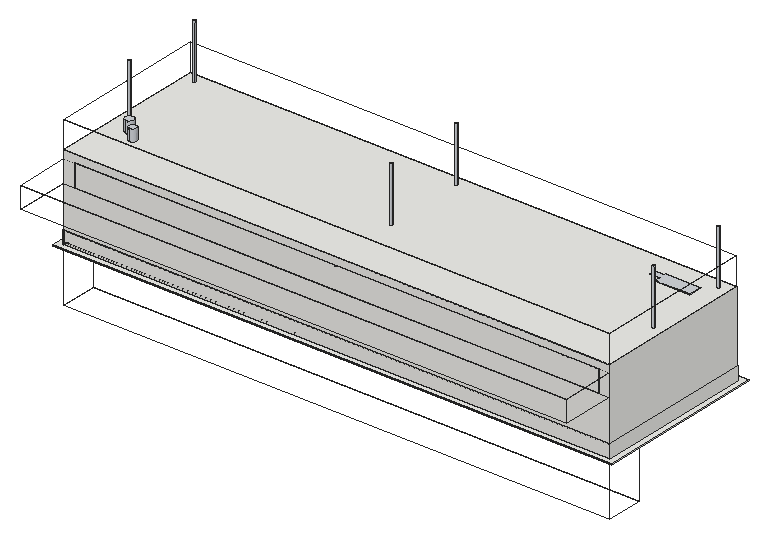
Revit family "AIRTECNICS_AIR CURTAIN_RECESSED DAM_DX-VRF_(MITSUBISHI ELECTRIC)123", category Equipos mecánicos, Revit 2016
Family settings
  Tipo de pieza = Normal
  Cota de conector redondo = Diámetro de uso
  Número OmniClass = 23.75.70.21.17
  Título OmniClass = Air Curtains
  Se basa en plano de trabajo = No
  Siempre vertical = Sí
  Corte con vacíos al cargar = No
  Compartido = No
  Punto de cálculo de habitación = No
Parameters (values of type "RDAM ECG 2000 DX24-ME")
  · PIPES POSITION · [instance] = "-/ Select Pipes Position /-"  # constant formula
  · OTHERS · [instance] = "-/ Select Supports - Inst.Maint. Space /-"  # constant formula
  · HEATING · = "-/ Heating /-"  # constant formula
  · EXTERNAL UNIT · [instance] = "-/ External Unit Type /-"  # constant formula
  · COIL ROWS · = "-/ DX Coil Rows /-"  # constant formula
  Weight [instance] = size_lookup(Name_Lookup_Data, "Weight", 1.00 kg, CM, CT, CH, CR, CDX)  # 105.00 kg
  Voltage [instance] = 230 V  # constant formula
  URL_Manufacturer = "https://www.airtecnics.com"
  URL_Datasheet = "https://www.airtecnics.com/download/file/5890/recessed-dam-dx-mitsubishi-electric-1-1-and-vrf.pdf"
  Triple Phase (External Ut.) [instance] = yes
  Supports Length [instance] = 200.0 mm
  Supports (Horizontal) [instance] = yes
  Single Phase (External Ut.) [instance] = not([Triple Phase (External Ut.)])  # no
  Revit Version = "Revit 2016 - English"  # constant formula
  Review Date = "11/18"  # constant formula
  Remote Control = "-"  # constant formula
  Refrigerant Pipes_P4 [instance] = no
  Refrigerant Pipes_P3 [instance] = no
  Refrigerant Pipes_P2 [instance] = if(CW = 0, 1 = 1, 1 = 0)  # yes
  Refrigerant Pipes_P1 [instance] = no
  Product Size = if(CT = 2, "1000", if(CT = 4, "1500", if(CT = 8, "2000", if(CT = 16, "2500", if(CT = 32, "3000", "Consult Manufacturer")))))  # "2000"
  Product Reference [instance] = size_lookup(Name_Lookup_Ref, "", "Consult Manufacturer", CM, CT, CH, CR, CDX)  # "RDAM ECG 2000 DX24-ME"
  Product Heating [instance] = if(DX 1:1, "Direct Expansion 1:1 system", "Direct Expansion VRF system")  # "Direct Expansion 1:1 system"
  Product Description [instance] = size_lookup(Name_Lookup_Data, "", "Consult Manufacturer", CM, CT, CH, CR, CDX)  # "Compact and low profile recessed air curtain with full grille view and energy savings heat pump: Up to 70% reduction in costs and CO2 emissions (heating mode).\r\nSelf-supporting casing construction made of galvanized steel plate, ready to be installed recessed in a false ceiling. \r\nInlet grille (free of maintenance) made with aluminium profiles and blow-out nozzle, integrated in a single white frame colour RAL 9016. Other colours are available on request. \r\nDouble-inlet centrifugal fans driven by an external rotor motor and low noise level. 5-speed selector. EC models assembled with very low consumption efficiency fans. \r\nIncludes only heating direct expansion coil with installed temperature sensors. Under request it can be modified to work in cooling and heating mode (not recomended) with optional condensate water pump.\r\nPlug&Play control panel CS-5DX-NE slave DX with 5 speeds selector and 7m telephone cable included.\r\nReady to connect to MITSUBISHI ELECTRIC Standard and Power Inverter outdoor heat pump unit (R410A) with expansion valve, not included, the customer should purchase it.\r\nRequires PAC-IF012B-E MITSUBISHI ELECTRIC DX Interface KIT adapted for air curtain and PAR-33MAA programmable control, please consult.\r\nAir Volume: 4380 m3/h \r\nFans:  0,426 kW  3,72 A 230Vx1 50/60Hz\r\nHeating capacity: 23,63 kW\r\nDimensions: 627x310x2048 mm (depth, height, length)\r\nNOT SUPPLIED BY AIRTÈCNICS:\r\nPAC-IF012B-E Interface DX kit and PAR-33MAA programmable control.\r\nExternal unit:\r\n PUHZ-ZRP250YKAExternal unit with direct expansion valve Mitsubishi Electric, triple phase motor 400Vx3 50Hz.\r\nHeating capacity 27kW. Heating power: 8,94kW. COP 3,75.\r\nCooling capacity 22kW. Cooling power 8,31kW. EER 2,65.\r\nCooling circuits 1\" - 1/2\".\r\nMaximum length 100m.\r\nMaximum slope 30m."
  Power Fans Factor [instance] = size_lookup(Name_Lookup_Data, "Power Fans Factor", 1, CM, CT, CH, CR, CDX)  # 0.5
  Power Fans [instance] = size_lookup(Name_Lookup_Data, "Power Fans", 1 kW, CM, CT, CH, CR, CDX)  # 0.426 kW
  Noise Level (dB(A)) [instance] = size_lookup(Name_Lookup_Data, "Noise Level (dB(A))", 1, CM, CT, CH, CR, CDX)  # 63
  Name_Lookup_Ref_EU = "R_DAM_(DX)_ME_Ref_EU_Lookup"  # constant formula
  Name_Lookup_Ref = "R_DAM_(DX)_ME_Ref_Lookup"  # constant formula
  Name_Lookup_Data4 = "R_DAM_(DX)_ME_DXkit_Lookup"  # constant formula
  Name_Lookup_Data3 = "R_DAM_(DX)_ME_ExpValve_Lookup"  # constant formula
  Name_Lookup_Data2 = "R_DAM_(DX)_ME_Mainfolds_Lookup"  # constant formula
  Name_Lookup_Data = "R_DAM_(DX)_ME_Data_Lookup"  # constant formula
  Material Curtain [instance] = AIRTECNICS_White RAL 9016
  Mainfolds [instance] = size_lookup(Name_Lookup_Data2, "", "Consult Manufacturer", CM, CT, CH, CR, CDX)  # "1\" & 1/2"
  M = no
  Length = L + 48.0 mm + Depth - Depth  # 2048.0 mm
  IfcExportType = "DXCOOLINGCOIL"  # constant formula
  IfcExportAs = "IfcCoilType"  # constant formula
  Height = 310.0 mm  # constant formula
  Heating Capacity [instance] = size_lookup(Name_Lookup_Data, "Heating Capacity", 1 kW, CM, CT, CH, CR, CDX)  # 23.63 kW
  Gas Coil Volume [instance] = size_lookup(Name_Lookup_Data, "Gas Coil Volume", 1.00 L, CM, CT, CH, CR, CDX)  # 4.10 L
  G = not(M)  # yes
  Frequency = 50 Hz  # constant formula
  Fans Stage = 5  # constant formula
  Family Version = "1.0"  # constant formula
  External Ut. Reference [instance] = size_lookup(Name_Lookup_Ref_EU, "", "Consult Manufacturer", CM, CT, CH, CR, CEU, CDX)  # "PUHZ-ZRP250YKA"
  Expansion Valve [instance] = size_lookup(Name_Lookup_Data3, "", "Consult Manufacturer", CM, CT, CH, CR, CDX)  # "Included on External Unit"
  EC = 1 = 1  # yes
  Dn_Metric_Refrig_Liquid [instance] = size_lookup(Name_Lookup_Data2, "Dn_Liquid", 1 mm, CM, CT, CH, CR, CDX)  # 15 mm
  Dn_Metric_Refrig_Gas [instance] = size_lookup(Name_Lookup_Data2, "Dn_Gas", 1 mm, CM, CT, CH, CR, CDX)  # 25 mm
  Depth = 627.0 mm  # constant formula
  DX VRF = not(DX 1:1)  # no
  DX Kit [instance] = size_lookup(Name_Lookup_Data4, "", "Consult Manufacturer", CM, CT, CH, CR, CDX)  # "PAC-IF012B-E"
  DX Controller [instance] = "PAR-33MAA"  # constant formula
  DX Coil Rows = 4 = yes
  DX Coil Rows = 3 = not([DX Coil Rows = 4])  # no
  DX Coil Rows [instance] = if(CR = 2, 4, if(CR = 4, 3, if(CR = 0, 2, 0)))  # 4
  DX 1:1 = yes
  Current Fans [instance] = size_lookup(Name_Lookup_Data, "Current Fans", 1 A, CM, CT, CH, CR, CDX)  # 3.72 A
  Created by = "BIMETRICAL"  # constant formula
  Control [instance] = "CS-5DX-NE"  # constant formula
  Capacity_Frig_Liquid [instance] = 0 m³/h
  Capacity_Frig_Gas [instance] = 0 m³/h
  Cable = "CB7"  # constant formula
  URL = "https://www.airtecnics.com/products/heat-pump-air-curtain-recessed-dam-dx-for-mitsubishi-electric"
  Modelo = "Air Curtain Recessed DAM DX/VRF ME"  # constant formula
  L = 2000.0 mm
  Imagen de tipo = <Ninguno>
  Fabricante = "AIRTECNICS"  # constant formula
  Description = ""
  Comentarios de tipo = "Compact and low profile recessed air curtain with full grille view and energy savings heat pump: Up to 70% reduction in costs and CO2 emissions (heating mode).\r\nSelf-supporting casing construction made of galvanized steel plate, ready to be installed recessed in a false ceiling. \r\nInlet grille (free of maintenance) made with aluminium profiles and blow-out nozzle, integrated in a single white frame colour RAL 9016. Other colours are available on request. \r\nDouble-inlet centrifugal fans driven by an external rotor motor and low noise level. 5-speed selector. EC models assembled with very low consumption efficiency fans. \r\nIncludes only heating direct expansion coil with installed temperature sensors. Under request it can be modified to work in cooling and heating mode (not recomended) with optional condensate water pump.\r\nPlug&Play control panel CS-5DX-NE slave DX with 5 speeds selector and 7m telephone cable included.\r\nDX 1:1:\r\nReady to connect to MITSUBISHI ELECTRIC Standard and Power Inverter outdoor heat pump unit (R410A) with expansion valve, not included, the customer should purchase it.\r\nRequires  MITSUBISHI ELECTRIC DX Interface KIT adapted for air curtain and  programmable control, please consult.\r\nDX VRF:\r\nReady to connect to MITSUBISHI ELECTRIC VRF outdoor heat pump unit (R410A), not included, the customer should purchase it.\r\nRequires  MITSUBISHI ELECTRIC VRF Interface KIT adapted for air curtain with expansion valve and   programmable control, please consult."  # constant formula
  CW [instance] = if(Refrigerant Pipes_P1, 2, 0) + if(Refrigerant Pipes_P3, 4, 0) + if(Refrigerant Pipes_P4, 8, 0)  # 0
  CT = if(L = 1000.0 mm, 2, 0) + if(L = 1500.0 mm, 4, 0) + if(L = 2000.0 mm, 8, 0) + if(L = 2500.0 mm, 16, 0) + if(L = 3000.0 mm, 32, 0)  # 8
  CR [instance] = if([DX Coil Rows = 4], 2, 0) + if([DX Coil Rows = 3], 4, 0)  # 2
  CM = if(M, 2, 0) + if(EC, 4, 0) + if(G, 8, 0)  # 12
  CH [instance] = if(DX 1:1, 2, 0) + if(DX VRF, 4, 0)  # 2
  CEU [instance] = if([Single Phase (External Ut.)], 2, 0) + if([Triple Phase (External Ut.)], 4, 0)  # 4
  CDX = 1
  BIMETRICAL Category = "Coil"  # constant formula
  BIMETRICAL = "http://www.bimetrical.com/"  # constant formula
  Aspiration/Maintenance Space [instance] = yes
  Apparent Load [instance] = size_lookup(Name_Lookup_Data, "Apparent Load", 1 VA, CM, CT, CH, CR, CDX)  # 852 VA
  Airflow [instance] = size_lookup(Name_Lookup_Data, "Airflow", 1 m³/h, CM, CT, CH, CR, CDX)  # 4380 m³/h
Reference planes
  plane 1 "Centro (Frontal/Posterior)": z = 0
  plane 2: y = 246.57
  plane 3 "Centro (Izquierda/Derecha)": x = 0
Nested families
  nested 1: "GEOM_RECESSED DAM_(DX)" at (0, 246.57, -2) x (-1, 0, 0) z (0, 0, 1), P1 <- "Refrigerant Pipes_P1", P3 <- "Refrigerant Pipes_P3", P4 <- "Refrigerant Pipes_P4", type "BASE"
    with VAMP4 no, VAMP1 no, P4 no, P3 no, P2 yes, P1 no, C_P 2, C_L 4, CH_4 398.5 mm, CH_3 218.8 mm, CH_2 99.5 mm, CH_1 91.2 mm, CC_4 431.5 mm, CC_3 33.0 mm, CC_2 137.5 mm, CC_1 277.2 mm, AH 90.00°, AC 90.00°, N 9, L3 238.5 mm, L2 40.0 mm, L1 2048.0 mm, L 2000.0 mm, C 238.88 mm, A1 1938.0 mm
Connectors
  piping at (-924, 161.57, 348), diameter 25, driven by "Capacity_Frig_Gas", driven by "Dn_Metric_Refrig_Gas"
    settings: on nested 1, index 2, connector inside diameter 609.6 mm, connector length 0.0 mm, flow factor 0, pipe flow 0 m³/h, pressure drop 0.0 Pa, fitting loss kfactor 0, connector angle 0.00°, fixture units 0, engagement length 0.0 mm, angle of deflection 0.00°, flow configuration 1, flow direction 1, fitting loss method 0, system type 8, joint type 0, gender type 0, connector reference index -1, connector utility 0, adjustable connector no, is connector primary yes, connector description "In"
  piping at (-886, 128.57, 348.2), diameter 15, driven by "Capacity_Frig_Liquid", driven by "Dn_Metric_Refrig_Liquid"
    settings: on nested 1, index 3, connector inside diameter 609.6 mm, connector length 0.0 mm, flow factor 0, pipe flow 0 m³/h, pressure drop 0.0 Pa, fitting loss kfactor 0, connector angle 0.00°, fixture units 0, engagement length 0.0 mm, angle of deflection 0.00°, flow configuration 1, flow direction 2, fitting loss method 0, system type 8, joint type 0, gender type 0, connector reference index -1, connector utility 0, adjustable connector no, is connector primary no, connector description "Out"
  electrical at (819.129, 446.424, 309), driven by "Voltage", driven by "Apparent Load", driven by "Power Fans Factor"
    settings: on nested 1, index 4, voltage 230 V, apparent load 852 VA, apparent load phase1 0 VA, apparent load phase2 0 VA, apparent load phase3 0 VA, power factor 0.5, load classification "HVAC", number of poles 1, system type 30, power factor state 1, is connector primary yes, connector utility no, sub classification motor no, connector description ""
Definition of nested family "GEOM_RECESSED DAM_(DX)"
  Parameters (values of type "BASE")
    VSUP2 = if(and(Supports Length > 0.0 mm, L > 1000.0 mm, [Supports (Horizontal)]), 1 = 1, 1 = 0)  # yes
    VSUP1 = if(and(Supports Length > 0.0 mm, [Supports (Horizontal)]), 1 = 1, 1 = 0)  # yes
    VAMP4 [instance] = if(and(P, P4, [Aspiration/Maintenance Space]), 1 = 1, 1 = 0)  # no
    VAMP1 [instance] = if(and(P, P1, [Aspiration/Maintenance Space]), 1 = 1, 1 = 0)  # no
    Supports Length = 200.0 mm
    Supports (Horizontal) = yes
    Revit Version = "Revit 2016 - English"  # constant formula
    Review Date = "11/2018"  # constant formula
    P4 [instance] = no
    P3 [instance] = yes
    P2 [instance] = not(or(P1, P3, P4))  # no
    P1 [instance] = no
    P = 1 = 1  # yes
    Name_CH = "CH_Dimensions_LookupDX"  # constant formula
    Name_CC = "CC_Dimensions_LookupDX"  # constant formula
    N = if(L = 1000.0 mm, 5, if(L = 1500.0 mm, 7, if(L = 2000.0 mm, 9, 11)))  # 7
    Model = "RECESSED DAM (DX)"  # constant formula
    Material Curtain = none
    Manufacturer = "AIRTECNICS"  # constant formula
    L_sup = if(Supports Length = 0.0 mm, 1.0 mm, Supports Length)  # 200.0 mm
    L3 = if(L = 1000.0 mm, 227.0 mm, if(L = 1500.0 mm, 234.8 mm, if(L = 2000.0 mm, 238.5 mm, 240.8 mm)))  # 234.8 mm
    L2 = if(L = 1000.0 mm, 51.75 mm, if(L = 1500.0 mm, 46.75 mm, if(L = 2000.0 mm, 40.0 mm, 49.5 mm)))  # 46.75 mm
    L1 = L + 48.0 mm  # 1548.0 mm
    L = 1500.0 mm
    Family Version = "1.0"  # constant formula
    Created by = "BIMETRICAL"  # constant formula
    C_P [instance] = if(P1, 1, 0) + if(P2, 2, 0) + if(P3, 4, 0) + if(P4, 8, 0)  # 4
    C_L [instance] = if(L = 1500.0 mm, 2, 0) + if(L = 2000.0 mm, 4, 0) + if(L = 2500.0 mm, 8, 0)  # 2
    CH_4 [instance] = size_lookup(Name_CH, "CH_4", 398.5 mm, C_L, C_P)  # 398.5 mm
    CH_3 [instance] = size_lookup(Name_CH, "CH_3", 218.8 mm, C_L, C_P)  # 33.0 mm
    CH_2 [instance] = size_lookup(Name_CH, "CH_2", 100.5 mm, C_L, C_P)  # 1409.5 mm
    CH_1 [instance] = size_lookup(Name_CH, "CH_1", 91.2 mm, C_L, C_P)  # 277.2 mm
    CC_4 [instance] = size_lookup(Name_CC, "CC_4", 431.5 mm, C_L, C_P)  # 431.5 mm
    CC_3 [instance] = size_lookup(Name_CC, "CC_3", 33.0 mm, C_L, C_P)  # 218.8 mm
    CC_2 [instance] = size_lookup(Name_CC, "CC_2", 138.5 mm, C_L, C_P)  # 1447.5 mm
    CC_1 [instance] = size_lookup(Name_CC, "CC_1", 277.2 mm, C_L, C_P)  # 91.2 mm
    C = if(L = 1000.0 mm, 227.75 mm, if(L = 1500.0 mm, 235.1 mm, 238.88 mm))  # 235.1 mm
    BIMETRICAL = "http://www.bimetrical.com/"  # constant formula
    B1 = 1.5 mm
    B = 1.0 mm
    Aspiration/Maintenance Space = yes
    AH [instance] = size_lookup(Name_CH, "AH", 90.00°, C_L, C_P)  # 90.00°
    AC [instance] = size_lookup(Name_CC, "AC", 90.00°, C_L, C_P)  # 90.00°
    A1 = L - 62.0 mm  # 1438.0 mm
    A = 197.8 mm
  Reference planes
    plane 1 "Centro (Frontal/Posterior)": y = 0
    plane 2: z = 0
    plane 3 "Centro (Izquierda/Derecha)": x = 0
    plane 4: y = 313.5
    plane 5: y = -313.5
    plane 6: y = 290
    plane 7: y = -290
    plane 8: z = 310
    plane 9: z = 50
    plane 10: z = 2
    plane 11: x = -773.5
    plane 12: x = -750
    plane 13: x = 773.5
    plane 14: x = 750
    plane 15: y = -256
    plane 16: y = 41
    plane 17: x = -710
    plane 18: x = 710
    plane 19: y = 41
    plane 20: y = -256
    plane 21: y = 170
    plane 22: z = 25
    plane 23: z = 17
    plane 24: x = -707.5
    plane 25: x = -703.5
    plane 26: x = -705.5
    plane 27: x = -472.7
    plane 28: x = -468.7
    plane 29: x = -470.7
    plane 30: x = -237.9
    plane 31: x = -233.9
    plane 32: x = -235.9
    plane 33: x = -3.1
    plane 34: x = 0.9
    plane 35: x = -1.1
    plane 36: x = 231.7
    plane 37: x = 235.7
    plane 38: x = 233.7
    plane 39: x = 773.5
    plane 40: x = -674
    plane 41: x = -636
    plane 42: y = 85
    plane 43: y = 118
    plane 44: z = 91.2
    plane 45: z = 277.2
    plane 46: x = 466.5
    plane 47: x = 470.5
    plane 48: x = 468.5
    plane 49: x = 701.3
    plane 50: x = 705.3
    plane 51: x = 703.3
  Forms (mm)
    Sweep 1, solid, material <- "Material Curtain"
      path origin (0, 0, 0) x (1, 0, 0) y (0, 1, 0)
        loop
          line (-773.5, 313.5) -> (-773.5, -313.5) -> (773.5, -313.5) -> (773.5, 313.5) -> (-773.5, 313.5)
      profile origin (-773.5, 0, 0) x (-1, 0, 0) y (0, 0, 1)
        loop
          line (0, 0) -> (0, 2) -> (-22, 2) -> (-22, 50) -> (-23.5, 50) -> (-23.5, 0) -> (0, 0)
    Extrusion 2, solid, material <- "Material Curtain"
      sketch origin (0, 0, 0) x (1, 0, 0) y (0, 1, 0)
        loop
          line (-750, 290) -> (-750, -290) -> (750, -290) -> (750, 290) -> (-750, 290)
      from 50 to 310
    Extrusion 3, solid, visible <- "VSUP1"
      sketch origin (-1376.546, -1524, 310) x (-1, 0, 0) y (0, -1, 0)
        loop
          circle (-666.546, -1565) r 4
        loop
          circle (-666.546, -1268) r 4
        loop
          circle (-2086.546, -1268) r 4
        loop
          circle (-2086.546, -1565) r 4
      from -1 to 200
    Extrusion 4, solid, visible <- "VSUP2"
      sketch origin (-1376.546, -1524, 310) x (-1, 0, 0) y (0, -1, 0)
        loop
          circle (-1376.546, -1565) r 4
        loop
          circle (-1376.546, -1268) r 4
      from 0 to 200
    Extrusion 5, void
      sketch origin (-1802.24, 290, 1200) x (-1, 0, 0) y (0, 0, 1)
        loop
          line (-2505.49, -918.496) -> (-2505.49, -998.496) -> (-1802.24, -998.496) -> (-1098.99, -998.496) -> (-1098.99, -918.496) -> (-1802.24, -918.496) -> (-2505.49, -918.496)
      from 0 to -5
    Extrusion 6, solid
      sketch origin (-1802.24, 290, 1200) x (-1, 0, 0) y (0, 0, 1)
        loop
          line (-2505.49, -918.496) -> (-2505.49, -998.496) -> (-1802.24, -998.496) -> (-1098.99, -998.496) -> (-1098.99, -918.496) -> (-1802.24, -918.496) -> (-2505.49, -918.496)
      from 0 to -1
    Extrusion 7, solid, material <- "Material Curtain"
      sketch origin (500, 0, 0) x (1, 0, 0) y (0, 1, 0)
        loop
          line (-1203.5, 286.998) -> (-1207.5, 286.998) -> (-1207.5, -287.002) -> (-1203.5, -287.002) -> (-1203.5, 286.998)
      from 17 to 25
    Extrusion 8, solid, material <- "Material Curtain"
      sketch origin (734.8, 0, 0) x (1, 0, 0) y (0, 1, 0)
        loop
          line (-1203.5, 286.998) -> (-1207.5, 286.998) -> (-1207.5, -287.002) -> (-1203.5, -287.002) -> (-1203.5, 286.998)
      from 17 to 25
    Extrusion 9, solid, material <- "Material Curtain"
      sketch origin (969.6, 0, 0) x (1, 0, 0) y (0, 1, 0)
        loop
          line (-1203.5, 286.998) -> (-1207.5, 286.998) -> (-1207.5, -287.002) -> (-1203.5, -287.002) -> (-1203.5, 286.998)
      from 17 to 25
    Extrusion 10, solid, material <- "Material Curtain"
      sketch origin (1204.4, 0, 0) x (1, 0, 0) y (0, 1, 0)
        loop
          line (-1203.5, 286.998) -> (-1207.5, 286.998) -> (-1207.5, -287.002) -> (-1203.5, -287.002) -> (-1203.5, 286.998)
      from 17 to 25
    Extrusion 11, solid, material <- "Material Curtain"
      sketch origin (1439.2, 0, 0) x (1, 0, 0) y (0, 1, 0)
        loop
          line (-1203.5, 286.998) -> (-1207.5, 286.998) -> (-1207.5, -287.002) -> (-1203.5, -287.002) -> (-1203.5, 286.998)
      from 17 to 25
    Extrusion 12, solid, visible <- "P"
      sketch origin (-637.077, 82.636, 310.2) x (0, -1, 0) y (1, 0, 0)
        loop
          circle (-2.364, 1.077) r 15.5
      from 0 to 40
    Extrusion 13, solid, visible <- "P"
      sketch origin (-673.438, 119.477, 310) x (0, -1, 0) y (1, 0, 0)
        loop
          circle (1.477, -0.562) r 13.5
      from 0 to 40
    Extrusion 14, solid
      sketch origin (-1376.546, -1524, 310) x (-1, 0, 0) y (0, -1, 0)
        loop
          line (-830.042, -1353.296) -> (-702.542, -1353.296) -> (-702.542, -1303.996) -> (-830.042, -1303.996) -> (-830.042, -1307.996) -> (-867.042, -1307.996) -> (-867.042, -1331.296) -> (-830.042, -1331.296) -> (-830.042, -1353.296)
      from 0 to 1
    Extrusion 15, solid, visible <- "VAMP1"
      sketch origin (750, 311.264, 1200) x (0, 1, 0) y (0, 0, -1)
        loop
          line (-601.264, 890) -> (-21.264, 890) -> (-21.264, 1150) -> (-601.264, 1150) -> (-601.264, 890)
      from 0 to -100
    Extrusion 16, solid, visible <- "VAMP4"
      sketch origin (-750, 311.264, 1200) x (0, 1, 0) y (0, 0, 1)
        loop
          line (-601.264, -890) -> (-601.264, -1150) -> (-21.264, -1150) -> (-21.264, -890) -> (-601.264, -890)
      from 0 to -100
    Extrusion 17, solid, visible <- "Aspiration/Maintenance Space"
      sketch origin (-1802.24, 290, 1200) x (-1, 0, 0) y (0, 0, 1)
        loop
          line (-2552.24, -918.496) -> (-2552.24, -998.496) -> (-1052.24, -998.496) -> (-1052.24, -918.496) -> (-2552.24, -918.496)
      from 0 to 200
    Extrusion 18, solid, visible <- "Aspiration/Maintenance Space"
      sketch origin (-750, 311.264, 1200) x (0, 1, 0) y (0, 0, 1)
        loop
          line (-601.264, -890) -> (-21.264, -890) -> (-21.264, -790) -> (-601.264, -790) -> (-601.264, -890)
      from 0 to 1500
    Extrusion 19, solid, visible <- "Aspiration/Maintenance Space"
      sketch origin (750, 311.264, 1200) x (0, 1, 0) y (0, 0, -1)
        loop
          line (-21.264, 1200) -> (-21.264, 1400) -> (-157.264, 1400) -> (-157.264, 1200) -> (-21.264, 1200)
      from 0 to 1500
    Extrusion 20, solid, material <- "Material Curtain"
      sketch origin (1674, 0, 0) x (1, 0, 0) y (0, 1, 0)
        loop
          line (-1203.5, 286.998) -> (-1207.5, 286.998) -> (-1207.5, -287.002) -> (-1203.5, -287.002) -> (-1203.5, 286.998)
      from 17 to 25
    Extrusion 21, solid, material <- "Material Curtain"
      sketch origin (1908.8, 0, 0) x (1, 0, 0) y (0, 1, 0)
        loop
          line (-1203.5, 286.998) -> (-1207.5, 286.998) -> (-1207.5, -287.002) -> (-1203.5, -287.002) -> (-1203.5, 286.998)
      from 17 to 25
    Extrusion 22, solid, material <- "Material Curtain"
      sketch origin (850, 311.264, 1200) x (0, -1, 0) y (0, 0, -1)
        loop
          arc (82.767, 1195.605) -> (78.829, 1197.715) -> (74.424, 1198.456) r 13.8
          arc (74.424, 1198.456) -> (73.675, 1197.864) -> (74.325, 1197.164) r 0.65
          arc (74.325, 1197.164) -> (78.603, 1196.427) -> (82.371, 1194.27) r 12.5
          line (82.371, 1194.27) -> (97.373, 1182.759) -> (97.373, 1173.4) -> (98.673, 1173.4) -> (98.673, 1183.4) -> (82.767, 1195.605)
        loop
          arc (59.967, 1195.605) -> (56.029, 1197.715) -> (51.624, 1198.456) r 13.8
          arc (51.624, 1198.456) -> (50.875, 1197.864) -> (51.525, 1197.164) r 0.65
          arc (51.525, 1197.164) -> (55.803, 1196.427) -> (59.571, 1194.27) r 12.5
          line (59.571, 1194.27) -> (74.573, 1182.759) -> (74.573, 1173.4) -> (75.873, 1173.4) -> (75.873, 1183.4) -> (59.967, 1195.605)
        loop
          arc (151.167, 1195.605) -> (147.229, 1197.715) -> (142.824, 1198.456) r 13.8
          arc (142.824, 1198.456) -> (142.075, 1197.864) -> (142.725, 1197.164) r 0.65
          arc (142.725, 1197.164) -> (147.003, 1196.427) -> (150.771, 1194.27) r 12.5
          line (150.771, 1194.27) -> (165.773, 1182.759) -> (165.773, 1173.4) -> (167.073, 1173.4) -> (167.073, 1183.4) -> (151.167, 1195.605)
        loop
          arc (128.367, 1195.605) -> (124.429, 1197.715) -> (120.024, 1198.456) r 13.8
          arc (120.024, 1198.456) -> (119.275, 1197.864) -> (119.925, 1197.164) r 0.65
          arc (119.925, 1197.164) -> (124.203, 1196.427) -> (127.971, 1194.27) r 12.5
          line (127.971, 1194.27) -> (142.973, 1182.759) -> (142.973, 1173.4) -> (144.273, 1173.4) -> (144.273, 1183.4) -> (128.367, 1195.605)
        loop
          arc (105.567, 1195.605) -> (101.629, 1197.715) -> (97.224, 1198.456) r 13.8
          arc (97.224, 1198.456) -> (96.475, 1197.864) -> (97.125, 1197.164) r 0.65
          arc (97.125, 1197.164) -> (101.403, 1196.427) -> (105.171, 1194.27) r 12.5
          line (105.171, 1194.27) -> (120.173, 1182.759) -> (120.173, 1173.4) -> (121.473, 1173.4) -> (121.473, 1183.4) -> (105.567, 1195.605)
        loop
          arc (219.567, 1195.605) -> (215.629, 1197.715) -> (211.224, 1198.456) r 13.8
          arc (211.224, 1198.456) -> (210.475, 1197.864) -> (211.125, 1197.164) r 0.65
          arc (211.125, 1197.164) -> (215.403, 1196.427) -> (219.171, 1194.27) r 12.5
          line (219.171, 1194.27) -> (234.173, 1182.759) -> (234.173, 1173.4) -> (235.473, 1173.4) -> (235.473, 1183.4) -> (219.567, 1195.605)
        loop
          arc (196.767, 1195.605) -> (192.829, 1197.715) -> (188.424, 1198.456) r 13.8
          arc (188.424, 1198.456) -> (187.675, 1197.864) -> (188.325, 1197.164) r 0.65
          arc (188.325, 1197.164) -> (192.603, 1196.427) -> (196.371, 1194.27) r 12.5
          line (196.371, 1194.27) -> (211.373, 1182.759) -> (211.373, 1173.4) -> (212.673, 1173.4) -> (212.673, 1183.4) -> (196.767, 1195.605)
        loop
          arc (173.967, 1195.605) -> (170.029, 1197.715) -> (165.624, 1198.456) r 13.8
          arc (165.624, 1198.456) -> (164.875, 1197.864) -> (165.525, 1197.164) r 0.65
          arc (165.525, 1197.164) -> (169.803, 1196.427) -> (173.571, 1194.27) r 12.5
          line (173.571, 1194.27) -> (188.573, 1182.759) -> (188.573, 1173.4) -> (189.873, 1173.4) -> (189.873, 1183.4) -> (173.967, 1195.605)
        loop
          arc (287.967, 1195.605) -> (284.029, 1197.715) -> (279.624, 1198.456) r 13.8
          arc (279.624, 1198.456) -> (278.875, 1197.864) -> (279.525, 1197.164) r 0.65
          arc (279.525, 1197.164) -> (283.803, 1196.427) -> (287.571, 1194.27) r 12.5
          line (287.571, 1194.27) -> (302.573, 1182.759) -> (302.573, 1173.4) -> (303.873, 1173.4) -> (303.873, 1183.4) -> (287.967, 1195.605)
        loop
          arc (265.167, 1195.605) -> (261.229, 1197.715) -> (256.824, 1198.456) r 13.8
          arc (256.824, 1198.456) -> (256.075, 1197.864) -> (256.725, 1197.164) r 0.65
          arc (256.725, 1197.164) -> (261.003, 1196.427) -> (264.771, 1194.27) r 12.5
          line (264.771, 1194.27) -> (279.773, 1182.759) -> (279.773, 1173.4) -> (281.073, 1173.4) -> (281.073, 1183.4) -> (265.167, 1195.605)
        loop
          arc (242.367, 1195.605) -> (238.429, 1197.715) -> (234.024, 1198.456) r 13.8
          arc (234.024, 1198.456) -> (233.275, 1197.864) -> (233.925, 1197.164) r 0.65
          arc (233.925, 1197.164) -> (238.203, 1196.427) -> (241.971, 1194.27) r 12.5
          line (241.971, 1194.27) -> (256.973, 1182.759) -> (256.973, 1173.4) -> (258.273, 1173.4) -> (258.273, 1183.4) -> (242.367, 1195.605)
        loop
          arc (356.367, 1195.605) -> (352.429, 1197.715) -> (348.024, 1198.456) r 13.8
          arc (348.024, 1198.456) -> (347.275, 1197.864) -> (347.925, 1197.164) r 0.65
          arc (347.925, 1197.164) -> (352.203, 1196.427) -> (355.971, 1194.27) r 12.5
          line (355.971, 1194.27) -> (370.973, 1182.759) -> (370.973, 1173.4) -> (372.273, 1173.4) -> (372.273, 1183.4) -> (356.367, 1195.605)
        loop
          arc (333.567, 1195.605) -> (329.629, 1197.715) -> (325.224, 1198.456) r 13.8
          arc (325.224, 1198.456) -> (324.475, 1197.864) -> (325.125, 1197.164) r 0.65
          arc (325.125, 1197.164) -> (329.403, 1196.427) -> (333.171, 1194.27) r 12.5
          line (333.171, 1194.27) -> (348.173, 1182.759) -> (348.173, 1173.4) -> (349.473, 1173.4) -> (349.473, 1183.4) -> (333.567, 1195.605)
        loop
          arc (310.767, 1195.605) -> (306.829, 1197.715) -> (302.424, 1198.456) r 13.8
          arc (302.424, 1198.456) -> (301.675, 1197.864) -> (302.325, 1197.164) r 0.65
          arc (302.325, 1197.164) -> (306.603, 1196.427) -> (310.371, 1194.27) r 12.5
          line (310.371, 1194.27) -> (325.373, 1182.759) -> (325.373, 1173.4) -> (326.673, 1173.4) -> (326.673, 1183.4) -> (310.767, 1195.605)
        loop
          arc (424.767, 1195.605) -> (420.829, 1197.715) -> (416.424, 1198.456) r 13.8
          arc (416.424, 1198.456) -> (415.675, 1197.864) -> (416.325, 1197.164) r 0.65
          arc (416.325, 1197.164) -> (420.603, 1196.427) -> (424.371, 1194.27) r 12.5
          line (424.371, 1194.27) -> (439.373, 1182.759) -> (439.373, 1173.4) -> (440.673, 1173.4) -> (440.673, 1183.4) -> (424.767, 1195.605)
        loop
          arc (401.967, 1195.605) -> (398.029, 1197.715) -> (393.624, 1198.456) r 13.8
          arc (393.624, 1198.456) -> (392.875, 1197.864) -> (393.525, 1197.164) r 0.65
          arc (393.525, 1197.164) -> (397.803, 1196.427) -> (401.571, 1194.27) r 12.5
          line (401.571, 1194.27) -> (416.573, 1182.759) -> (416.573, 1173.4) -> (417.873, 1173.4) -> (417.873, 1183.4) -> (401.967, 1195.605)
        loop
          arc (379.167, 1195.605) -> (375.229, 1197.715) -> (370.824, 1198.456) r 13.8
          arc (370.824, 1198.456) -> (370.075, 1197.864) -> (370.725, 1197.164) r 0.65
          arc (370.725, 1197.164) -> (375.003, 1196.427) -> (378.771, 1194.27) r 12.5
          line (378.771, 1194.27) -> (393.773, 1182.759) -> (393.773, 1173.4) -> (395.073, 1173.4) -> (395.073, 1183.4) -> (379.167, 1195.605)
        loop
          arc (447.567, 1195.605) -> (443.629, 1197.715) -> (439.224, 1198.456) r 13.8
          arc (439.224, 1198.456) -> (438.475, 1197.864) -> (439.125, 1197.164) r 0.65
          arc (439.125, 1197.164) -> (443.403, 1196.427) -> (447.171, 1194.27) r 12.5
          line (447.171, 1194.27) -> (462.173, 1182.759) -> (462.173, 1173.4) -> (463.473, 1173.4) -> (463.473, 1183.4) -> (447.567, 1195.605)
        loop
          arc (493.167, 1195.605) -> (489.229, 1197.715) -> (484.824, 1198.456) r 13.8
          arc (484.824, 1198.456) -> (484.075, 1197.864) -> (484.725, 1197.164) r 0.65
          arc (484.725, 1197.164) -> (489.003, 1196.427) -> (492.771, 1194.27) r 12.5
          line (492.771, 1194.27) -> (507.773, 1182.759) -> (507.773, 1173.4) -> (509.073, 1173.4) -> (509.073, 1153) -> (512.073, 1153) -> (512.073, 1198.4) -> (509.073, 1198.4) -> (509.073, 1183.4) -> (493.167, 1195.605)
        loop
          arc (470.367, 1195.605) -> (466.429, 1197.715) -> (462.024, 1198.456) r 13.8
          arc (462.024, 1198.456) -> (461.275, 1197.864) -> (461.925, 1197.164) r 0.65
          arc (461.925, 1197.164) -> (466.203, 1196.427) -> (469.971, 1194.27) r 12.5
          line (469.971, 1194.27) -> (484.973, 1182.759) -> (484.973, 1173.4) -> (486.273, 1173.4) -> (486.273, 1183.4) -> (470.367, 1195.605)
        loop
          arc (37.167, 1195.605) -> (33.229, 1197.715) -> (28.824, 1198.456) r 13.8
          arc (28.824, 1198.456) -> (28.075, 1197.864) -> (28.725, 1197.164) r 0.65
          arc (28.725, 1197.164) -> (33.003, 1196.427) -> (36.771, 1194.27) r 12.5
          line (36.771, 1194.27) -> (51.773, 1182.759) -> (51.773, 1173.4) -> (53.073, 1173.4) -> (53.073, 1183.4) -> (37.167, 1195.605)
        loop
          line (523.813, 1198.4) -> (523.813, 1173.4) -> (526.813, 1173.4) -> (526.813, 1198.4) -> (523.813, 1198.4)
        loop
          line (538.553, 1198.4) -> (538.553, 1173.4) -> (541.553, 1173.4) -> (541.553, 1198.4) -> (538.553, 1198.4)
        loop
          line (553.293, 1198.4) -> (553.293, 1173.4) -> (556.293, 1173.4) -> (556.293, 1198.4) -> (553.293, 1198.4)
        loop
          line (568.033, 1198.4) -> (568.033, 1182.616) -> (568.033, 1175.384) -> (568.033, 1173.4) -> (571.033, 1173.4) -> (571.033, 1174.75) -> (571.033, 1183.25) -> (571.033, 1198.4) -> (568.033, 1198.4)
        loop
          line (582.768, 1198.4) -> (582.768, 1175) -> (582.768, 1153) -> (585.768, 1153) -> (585.768, 1175) -> (585.768, 1198.4) -> (582.768, 1198.4)
      from -1600 to -100
  Cuts and joins
    Extrusion 5 cuts Extrusion 2
  Lines and regions (mm)
    symbolic lines
      curve 1: line (-773.5, 313.5, 310) -> (773.5, 313.5, 310)
      curve 2: line (-773.5, -313.5, 310) -> (-773.5, 313.5, 310)
      curve 3: line (773.5, -313.5, 310) -> (-773.5, -313.5, 310)
      curve 4: line (773.5, 313.5, 310) -> (773.5, -313.5, 310)
      curve 5: line (750, -290, 310) -> (-750, -290, 310)
      curve 6: line (750, 290, 310) -> (750, -290, 310)
      curve 7: line (-750, 290, 310) -> (750, 290, 310)
      curve 8: line (-750, -290, 310) -> (-750, 290, 310)
    reference lines
      curve 9: line (-674, 118, 91.2) -> (-674, 118, 310)
      curve 10: line (-636, 85, 277.2) -> (-636, 85, 310.2)
    symbolic lines, visible <- "VAMP4"
      curve 11: line (-750, -290, 310) -> (-850, -290, 310)
      curve 12: line (-850, -290, 310) -> (-850, 290, 310)
      curve 13: line (-850, 290, 310) -> (-750, 290, 310)
      curve 23: line (-750, 0, 50) -> (-850, 0, 50)
      curve 24: line (-850, 0, 50) -> (-850, 0, 310)
      curve 25: line (-850, 0, 310) -> (-750, 0, 310)
    symbolic lines, visible <- "VAMP1"
      curve 14: line (750, 290, 310) -> (850, 290, 310)
      curve 15: line (850, 290, 310) -> (850, -290, 310)
      curve 16: line (850, -290, 310) -> (750, -290, 310)
      curve 20: line (750, 0, 310) -> (850, 0, 310)
      curve 21: line (850, 0, 310) -> (850, 0, 50)
      curve 22: line (850, 0, 50) -> (750, 0, 50)
    symbolic lines, visible <- "Aspiration/Maintenance Space"
      curve 17: line (-750, 290, 310) -> (-750, 490, 310)
      curve 18: line (-750, 490, 310) -> (750, 490, 310)
      curve 19: line (750, 490, 310) -> (750, 290, 310)
      curve 26: line (-750, 0, 0) -> (-750, 0, -200)
      curve 27: line (-750, 0, -200) -> (750, 0, -200)
      curve 28: line (750, 0, -200) -> (750, 0, 0)
      curve 29: line (-750, 0, 310) -> (-750, 0, 410)
      curve 30: line (-750, 0, 410) -> (750, 0, 410)
      curve 31: line (750, 0, 410) -> (750, 0, 310)
      curve 32: line (750, 289, 281.504) -> (750, 490, 281.504)
      curve 33: line (750, 490, 281.504) -> (750, 490, 201.504)
      curve 34: line (750, 490, 201.504) -> (750, 290, 201.504)
      curve 35: line (750, 290, 310) -> (750, 290, 410)
      curve 36: line (750, 290, 410) -> (750, -290, 410)
      curve 37: line (750, -290, 410) -> (750, -290, 310)
      curve 38: line (750, 290, 0) -> (750, 290, -200)
      curve 39: line (750, 290, -200) -> (750, 154, -200)
      curve 40: line (750, 154, -200) -> (750, 154, 0)
    symbolic lines, visible <- "VSUP1"
      curve 41: circle (-710, 41, 310) r 4 normal (0, 0, 1)
      curve 42: circle (-710, -256, 310) r 4 normal (0, 0, 1)
      curve 43: circle (710, -256, 310) r 4 normal (0, 0, 1)
      curve 44: circle (710, 41, 310) r 4 normal (0, 0, 1)
    symbolic lines, visible <- "VSUP2"
      curve 45: circle (0, 41, 310) r 4 normal (0, 0, 1)
      curve 46: circle (0, -256, 310) r 4 normal (0, 0, 1)
  Dimensions and locks
    locked: plane 4 to plane 6 at 23.5
    locked: plane 5 to plane 7 at 23.5
    locked: plane 11 to plane 12 at 23.5
    locked: plane 13 to plane 14 at 23.5
    equal spacing: plane 12, plane 3 "Centro (Izquierda/Derecha)", plane 14
    "L": plane 12 to plane 14
    equal spacing: plane 4, plane 1 "Centro (Frontal/Posterior)", plane 5
    locked: plane 5 to plane 4 at 627
    locked: plane 9 to level at 50
    locked: plane 8 to level at 310
    locked: plane 7 to plane 15 at 34
    locked: plane 16 to plane 15 at 297
    locked: plane 12 to plane 17 at 40
    locked: plane 18 to plane 14 at 40
    locked: plane 20 to plane 7 at 34
    locked: plane 19 to plane 20 at 297
    "Supports Length": Extrusion 3 to plane 8
    "Supports Length": Extrusion 4 to plane 8
    plane 8 to plane 9 = 260.0 mm
    plane 4 to plane 5 = 627.0 mm
    locked: plane 6 to plane 21 at 120
    "L2": Extrusion 5 sketch curve to plane 14
    Extrusion 5 sketch curve to plane 8 = 28.496 mm
    plane 4 to plane 1 "Centro (Frontal/Posterior)" to plane 5 = 313.5 mm, 313.5 mm
    locked: Extrusion 5 sketch curve to Extrusion 5 sketch curve at 80
    locked: plane 9 to Extrusion 6 sketch curve at 151.504
    locked: Extrusion 6 sketch curve to plane 8 at 28.496
    Extrusion 6 sketch curve to Extrusion 6 sketch curve = 80.0 mm
    equal spacing: plane 24, plane 26, plane 25
    locked: plane 12 to plane 26 at 44.5
    equal spacing: plane 27, plane 29, plane 28
    equal spacing: group 1, group 2, group 3, group 4, group 5, group 6, group 7  (x3)
    equal spacing: plane 30, plane 32, plane 31
    "L3": plane 26 to plane 29
    equal spacing: plane 33, plane 35, plane 34
    equal spacing: plane 36, plane 38, plane 37
    locked: plane 14 to plane 39 at 23.5
    "CH_2": plane 41 to plane 39
    "CC_2": plane 40 to plane 39
    "CC_4": plane 5 to plane 43
    "CH_4": plane 5 to plane 42
    "CH_1": level to plane 45
    "CC_1": level to plane 44
    "CC_3": curve 9 to curve 9
    "CH_3": curve 10 to curve 10
    Sweep 1 to Extrusion 14 sketch curve to Extrusion 14 sketch curve to Extrusion 14 sketch curve = 99.496 mm locked, 127.5 mm locked, 37.0 mm locked
    locked: Extrusion 18 sketch curve to Extrusion 18 sketch curve at 100
    locked: Extrusion 19 sketch curve to Extrusion 19 sketch curve at 136
    locked: level to Extrusion 19 sketch curve at 200
    equal spacing: Extrusion 5 sketch curve, plane 3 "Centro (Izquierda/Derecha)", Extrusion 5 sketch curve
    equal spacing: Extrusion 6 sketch curve, plane 3 "Centro (Izquierda/Derecha)", Extrusion 6 sketch curve
    "L2": Extrusion 6 sketch curve to plane 14
    equal spacing: plane 46, plane 48, plane 47
    equal spacing: plane 49, plane 51, plane 50
    diameter of Extrusion 12 sketch curve = 31.0 mm
    diameter of Extrusion 13 sketch curve = 27.0 mm
    "AC": angle plane 44 to curve 9
    "AH": angle plane 45 to curve 10
    aligned and locked: level to plane 2
    aligned and locked: Sweep 1 sketch curve to plane 4
    aligned and locked: plane 11 to Sweep 1 sketch curve
    aligned and locked: Sweep 1 sketch curve to plane 5
    aligned and locked: Sweep 1 sketch curve to plane 13
    aligned and locked: Extrusion 2 sketch curve to plane 6
    aligned and locked: plane 12 to Extrusion 2 sketch curve
    aligned and locked: Extrusion 2 sketch curve to plane 7
    aligned and locked: plane 14 to Extrusion 2 sketch curve
    aligned and locked: Extrusion 2 to plane 9
    aligned and locked: plane 17 to Extrusion 3 sketch curve  (x2)
    aligned and locked: plane 18 to Extrusion 3 sketch curve  (x2)
    aligned and locked: Extrusion 3 sketch curve to plane 16
    aligned and locked: Extrusion 3 sketch curve to plane 15
    aligned and locked: plane 15 to Extrusion 3 sketch curve
    aligned and locked: plane 16 to Extrusion 3 sketch curve
    aligned and locked: plane 3 "Centro (Izquierda/Derecha)" to Extrusion 4 sketch curve  (x2)
    aligned and locked: plane 20 to Extrusion 4 sketch curve
    aligned and locked: plane 19 to Extrusion 4 sketch curve
    aligned and locked: plane 12 to Sweep 1 sketch curve
    aligned and locked: curve 5 to Sweep 1
    aligned and locked: curve 6 to Sweep 1
    aligned and locked: curve 7 to Sweep 1
    aligned and locked: curve 8 to Sweep 1
    aligned and locked: curve 1 to plane 4
    aligned and locked: Extrusion 7 to plane 22
    aligned and locked: plane 23 to Extrusion 7
    aligned and locked: plane 24 to Extrusion 7
    aligned and locked: plane 25 to Extrusion 7
    aligned and locked: plane 27 to Extrusion 8
    aligned and locked: plane 28 to Extrusion 8
    aligned and locked: plane 30 to Extrusion 9
    aligned and locked: plane 31 to Extrusion 9
    aligned and locked: plane 33 to Extrusion 10
    aligned and locked: plane 34 to Extrusion 10
    aligned and locked: plane 36 to Extrusion 11
    aligned and locked: plane 37 to Extrusion 11
    aligned and locked: plane 44 to curve 9
    aligned and locked: plane 40 to curve 9
    aligned and locked: plane 45 to curve 10
    aligned and locked: plane 41 to curve 10
    aligned and locked: Extrusion 15 sketch curve to cut or joined group of Extrusion 2, Extrusion 5  (x3)
    aligned and locked: Extrusion 15 sketch curve to Sweep 1
    aligned and locked: curve 12 to Extrusion 16
    aligned and locked: curve 15 to Extrusion 15
    aligned and locked: plane 12 to Extrusion 17 sketch curve
    aligned and locked: plane 14 to Extrusion 17 sketch curve
    aligned and locked: Extrusion 17 sketch curve to Extrusion 6  (x2)
    aligned and locked: plane 7 to Extrusion 18 sketch curve
    aligned and locked: plane 6 to Extrusion 18 sketch curve
    aligned and locked: Extrusion 18 to plane 14
    aligned and locked: Extrusion 19 to plane 12
    aligned and locked: curve 19 to Extrusion 17
    aligned and locked: curve 17 to Extrusion 17
    aligned and locked: curve 24 to Extrusion 16
    aligned and locked: curve 21 to Extrusion 15
    aligned and locked: Extrusion 19 to plane 14
    aligned and locked: curve 26 to plane 12
    aligned and locked: Extrusion 17 to curve 33
    aligned and locked: curve 35 to Extrusion 18
    aligned and locked: curve 37 to Extrusion 18
    aligned and locked: curve 41 to Extrusion 3
    aligned and locked: curve 42 to Extrusion 3
    aligned and locked: curve 43 to Extrusion 3
    aligned and locked: curve 44 to Extrusion 3
    aligned and locked: curve 45 to Extrusion 4
    aligned and locked: curve 46 to Extrusion 4
    aligned and locked: plane 46 to Extrusion 20
    aligned and locked: plane 47 to Extrusion 20
    aligned and locked: plane 49 to Extrusion 21
    aligned and locked: plane 50 to Extrusion 21
    aligned and locked: Extrusion 22 to plane 14
    aligned and locked: Extrusion 22 to plane 12
    aligned and locked: curve 34 to Extrusion 17
    aligned and locked: curve 32 to Extrusion 17
  Automatic sketch dimensions
    Extrusion 7 sketch curve to Extrusion 7 sketch curve = 4.0 mm
    Extrusion 7 sketch curve to plane 24 = 0.0 mm
    Extrusion 7 sketch curve to Extrusion 7 sketch curve = 574.0 mm
    Extrusion 8 sketch curve to Extrusion 8 sketch curve = 4.0 mm
    Extrusion 8 sketch curve to plane 27 = 0.0 mm
    Extrusion 8 sketch curve to Extrusion 8 sketch curve = 574.0 mm
    Extrusion 9 sketch curve to Extrusion 9 sketch curve = 4.0 mm
    Extrusion 9 sketch curve to plane 30 = 0.0 mm
    Extrusion 9 sketch curve to Extrusion 9 sketch curve = 574.0 mm
    Extrusion 10 sketch curve to Extrusion 10 sketch curve = 4.0 mm
    Extrusion 10 sketch curve to plane 33 = 0.0 mm
    Extrusion 10 sketch curve to Extrusion 10 sketch curve = 574.0 mm
    Extrusion 11 sketch curve to Extrusion 11 sketch curve = 4.0 mm
    Extrusion 11 sketch curve to plane 36 = 0.0 mm
    Extrusion 11 sketch curve to Extrusion 11 sketch curve = 574.0 mm
    Extrusion 18 sketch curve to plane 8 = 0.0 mm
    curve 30 to plane 12 = 0.0 mm
    curve 23 to plane 9 = 0.0 mm
    curve 23 to plane 12 = 0.0 mm
    plane 14 to curve 30 = 0.0 mm
    plane 14 to curve 27 = 0.0 mm
    curve 22 to plane 9 = 0.0 mm
    plane 14 to curve 22 = 0.0 mm
    curve 26 to level = 0.0 mm
    curve 28 to level = 0.0 mm
    curve 25 to plane 8 = 0.0 mm
    curve 20 to plane 8 = 0.0 mm
    curve 26 to level = 200.0 mm
    curve 20 to curve 30 = 100.0 mm
    Sweep 1 sketch curve to profile plane = 0.0 mm
    Sweep 1 sketch curve to level = 0.0 mm
    Sweep 1 sketch curve to Sweep 1 sketch curve = 1.5 mm
    level to Sweep 1 sketch curve = 2.0 mm
    Sweep 1 sketch curve to Sweep 1 sketch curve = 48.0 mm
    plane 5 to curve 3 = 0.0 mm
    curve 3 to plane 13 = 0.0 mm
    curve 2 to plane 11 = 0.0 mm
    plane 4 to curve 17 = 176.5 mm
    Extrusion 14 sketch curve to Extrusion 14 sketch curve = 0.0 mm
    Extrusion 14 sketch curve to plane 7 = 119.296 mm
    Extrusion 14 sketch curve to Extrusion 14 sketch curve = 22.0 mm
    Extrusion 14 sketch curve to Extrusion 14 sketch curve = 23.3 mm
    Extrusion 14 sketch curve to Extrusion 14 sketch curve = 49.3 mm
    Extrusion 16 sketch curve to plane 7 = 0.0 mm
    Extrusion 16 sketch curve to plane 6 = 0.0 mm
    Extrusion 16 sketch curve to plane 9 = 0.0 mm
    Extrusion 16 sketch curve to plane 8 = 0.0 mm
    Extrusion 19 sketch curve to level = 0.0 mm
    Extrusion 19 sketch curve to plane 6 = 0.0 mm
    curve 40 to level = 0.0 mm
    curve 34 to plane 6 = 0.0 mm
    curve 39 to plane 6 = 0.0 mm
    curve 38 to level = 0.0 mm
    curve 35 to plane 8 = 0.0 mm
    curve 37 to plane 8 = 0.0 mm
    plane 21 to curve 39 = 16.0 mm
    level to curve 40 = 200.0 mm
    curve 35 to curve 35 = 100.0 mm
    plane 6 to curve 32 = 1.0 mm
    Extrusion 20 sketch curve to Extrusion 20 sketch curve = 4.0 mm
    Extrusion 20 sketch curve to plane 46 = 0.0 mm
    Extrusion 20 sketch curve to Extrusion 20 sketch curve = 574.0 mm
    Extrusion 21 sketch curve to Extrusion 21 sketch curve = 4.0 mm
    Extrusion 21 sketch curve to plane 49 = 0.0 mm
    Extrusion 21 sketch curve to Extrusion 21 sketch curve = 574.0 mm
    Extrusion 22 sketch curve to Extrusion 15 = 15.496 mm
    Extrusion 22 sketch curve to Extrusion 22 sketch curve = 3.0 mm  (x7)
    Extrusion 22 sketch curve to Extrusion 22 sketch curve = 11.735 mm
    Extrusion 22 sketch curve to Extrusion 22 sketch curve = 11.74 mm  (x4)
    Extrusion 15 to Extrusion 22 sketch curve = 3.0 mm  (x2)
    Extrusion 22 sketch curve to Extrusion 22 sketch curve = 1.3 mm  (x21)
    Extrusion 15 to Extrusion 22 sketch curve = 45.605 mm  (x17)
    Extrusion 22 sketch curve to Extrusion 22 sketch curve = 15.906 mm
    Extrusion 15 to Extrusion 22 sketch curve = 44.27 mm  (x17)
    Extrusion 22 sketch curve to Extrusion 22 sketch curve = 0.397 mm  (x21)
    Extrusion 15 to Extrusion 22 sketch curve = 33.4 mm  (x5)
    Extrusion 22 sketch curve to Extrusion 22 sketch curve = 6.498 mm  (x12)
    Extrusion 15 to Extrusion 22 sketch curve = 32.759 mm  (x6)
    Extrusion 22 sketch curve to Extrusion 22 sketch curve = 0.201 mm  (x20)
    Extrusion 22 sketch curve to Extrusion 22 sketch curve = 0.006 mm  (x21)
    Extrusion 22 sketch curve to Extrusion 22 sketch curve = 8.444 mm  (x20)
    Extrusion 22 sketch curve to Extrusion 22 sketch curve = 14.356 mm  (x20)
    Extrusion 22 sketch curve to Extrusion 22 sketch curve = 21.5 mm  (x8)
    Extrusion 22 sketch curve to Extrusion 15 = 7.508 mm
    Extrusion 22 sketch curve to Extrusion 15 = 7.459 mm
    Extrusion 22 sketch curve to Extrusion 22 sketch curve = 2.209 mm  (x21)
    Extrusion 15 to Extrusion 22 sketch curve = 47.814 mm
    Extrusion 22 sketch curve to Extrusion 22 sketch curve = 3.544 mm
    Extrusion 22 sketch curve to Extrusion 22 sketch curve = 0.0 mm  (x8)
    Extrusion 15 to Extrusion 22 sketch curve = 48.4 mm
    Extrusion 22 sketch curve to Extrusion 22 sketch curve = 2.795 mm
    Extrusion 22 sketch curve to Extrusion 22 sketch curve = 1.334 mm  (x4)
    Extrusion 22 sketch curve to Extrusion 22 sketch curve = 1.906 mm  (x6)
    Extrusion 22 sketch curve to Extrusion 22 sketch curve = 9.606 mm  (x12)
    Extrusion 22 sketch curve to Extrusion 22 sketch curve = 1.264 mm  (x3)
    Extrusion 22 sketch curve to Extrusion 22 sketch curve = 0.008 mm  (x21)
    Extrusion 22 sketch curve to Extrusion 22 sketch curve = 1.257 mm  (x11)
    Extrusion 22 sketch curve to Extrusion 22 sketch curve = 0.641 mm  (x19)
    Extrusion 22 sketch curve to Extrusion 22 sketch curve = 15.0 mm
    Extrusion 22 sketch curve to Extrusion 22 sketch curve = 15.15 mm
    Extrusion 22 sketch curve to Extrusion 22 sketch curve = 0.634 mm  (x2)
    Extrusion 22 sketch curve to Extrusion 22 sketch curve = 7.231 mm
    Extrusion 22 sketch curve to Extrusion 22 sketch curve = 8.25 mm
    Extrusion 22 sketch curve to Extrusion 22 sketch curve = 9.359 mm  (x21)
    Extrusion 15 to Extrusion 22 sketch curve = 23.4 mm
    Extrusion 22 sketch curve to Extrusion 22 sketch curve = 1.984 mm
    Extrusion 22 sketch curve to Extrusion 22 sketch curve = 1.35 mm
    Extrusion 22 sketch curve to Extrusion 22 sketch curve = 0.101 mm  (x21)
    plane 42 to Extrusion 12 sketch curve = 0.0 mm
    plane 43 to Extrusion 13 sketch curve = 0.0 mm
    Extrusion 12 sketch curve to plane 41 = 0.0 mm
    Extrusion 13 sketch curve to plane 40 = 0.0 mm
    Extrusion 5 sketch curve to plane 3 "Centro (Izquierda/Derecha)" = 0.0 mm  (x2)
    Extrusion 6 sketch curve to plane 3 "Centro (Izquierda/Derecha)" = 0.0 mm  (x2)
    radius of Extrusion 3 sketch curve = 4.0 mm  (x4)
    radius of Extrusion 4 sketch curve = 4.0 mm  (x2)
Types (23, lengths in mm): name | Weight | Product Size | Product Reference | Product Heating | Product Description | Power Fans | Noise Level (dB(A)) | Mainfolds | M | Length | Heating Capacity | Gas Coil Volume | G | External Ut. Reference | Expansion Valve | Dn_Metric_Refrig_Liquid | Dn_Metric_Refrig_Gas | DX VRF | DX Kit | DX Coil Rows = 4 | DX Coil Rows = 3 | DX Coil Rows | DX 1:1 | Current Fans | L | CT | CR | CM | CH | CDX | Apparent Load | Airflow
  RDAM ECG 2500 VRF29-ME | 114.00 kg | "2500" | "RDAM ECG 2500 VRF29-ME" | "Direct Expansion VRF system" | "Compact and low profile recessed air curtain with full grille view and energy savings heat pump: Up to 70% reduction in costs and CO2 emissions (heating mode).\r\nSelf-supporting casing construction made of galvanized steel plate, ready to be installed recessed in a false ceiling. \r\nInlet grille (free of maintenance) made with aluminium profiles and blow-out nozzle, integrated in a single white frame colour RAL 9016. Other colours are available on request. \r\nDouble-inlet centrifugal fans driven by an external rotor motor and low noise level. 5-speed selector. EC models assembled with very low consumption efficiency fans. \r\nIncludes only heating direct expansion coil with installed temperature sensors. Under request it can be modified to work in cooling and heating mode (not recomended) with optional condensate water pump.\r\nPlug&Play control panel CS-5DX-NE slave DX with 5 speeds selector and 7m telephone cable included.\r\nReady to connect to MITSUBISHI ELECTRIC VRF outdoor heat pump unit (R410A), not included, the customer should purchase it.\r\nRequires PAC-AH250M-J MITSUBISHI ELECTRIC VRF Interface KIT adapted for air curtain with expansion valve and  PAR-33MAA programmable control, please consult.\r\nAir Volume: 5110 m3/h \r\nFans:  0,497 kW  4,34 A 230Vx1 50/60Hz\r\nHeating capacity: 28,89 kW\r\nDimensions: 627x310x2548 mm (depth, height, length)\r\nNOT SUPPLIED BY AIRTÈCNICS:\r\nPAC-AH250M-J Interface VRF kit and PAR-33MAA programmable control.\r\nExternal unit VRF." | 0.497 kW | 64 | "1\" & 1/2" | no | 2548.0 | 28.89 kW | 5.30 L | yes | "Not available" | "Included on DX Kit" | 15 | 25 | yes | "PAC-AH250M-J" | yes | no | 4 | no | 4.34 A | 2500.0 | 16 | 2 | 12 | 4 | 0 | 994 VA | 5110 m³/h
  RDAM ECG 2500 VRF25-ME | 114.00 kg | "2500" | "RDAM ECG 2500 VRF25-ME" | "Direct Expansion VRF system" | "Compact and low profile recessed air curtain with full grille view and energy savings heat pump: Up to 70% reduction in costs and CO2 emissions (heating mode).\r\nSelf-supporting casing construction made of galvanized steel plate, ready to be installed recessed in a false ceiling. \r\nInlet grille (free of maintenance) made with aluminium profiles and blow-out nozzle, integrated in a single white frame colour RAL 9016. Other colours are available on request. \r\nDouble-inlet centrifugal fans driven by an external rotor motor and low noise level. 5-speed selector. EC models assembled with very low consumption efficiency fans. \r\nIncludes only heating direct expansion coil with installed temperature sensors. Under request it can be modified to work in cooling and heating mode (not recomended) with optional condensate water pump.\r\nPlug&Play control panel CS-5DX-NE slave DX with 5 speeds selector and 7m telephone cable included.\r\nReady to connect to MITSUBISHI ELECTRIC VRF outdoor heat pump unit (R410A), not included, the customer should purchase it.\r\nRequires PAC-AH250M-J MITSUBISHI ELECTRIC VRF Interface KIT adapted for air curtain with expansion valve and  PAR-33MAA programmable control, please consult.\r\nAir Volume: 5110 m3/h \r\nFans:  0,497 kW  4,34 A 230Vx1 50/60Hz\r\nHeating capacity: 24,86 kW\r\nDimensions: 627x310x2548 mm (depth, height, length)\r\nNOT SUPPLIED BY AIRTÈCNICS:\r\nPAC-AH250M-J Interface VRF kit and PAR-33MAA programmable control.\r\nExternal unit VRF." | 0.497 kW | 64 | "1\" & 1/2" | no | 2548.0 | 24.86 kW | 3.90 L | yes | "Not available" | "Included on DX Kit" | 15 | 25 | yes | "PAC-AH250M-J" | no | yes | 3 | no | 4.34 A | 2500.0 | 16 | 4 | 12 | 4 | 0 | 994 VA | 5110 m³/h
  RDAM ECG 2500 DX27-ME | 114.00 kg | "2500" | "RDAM ECG 2500 DX27-ME" | "Direct Expansion 1:1 system" | "Compact and low profile recessed air curtain with full grille view and energy savings heat pump: Up to 70% reduction in costs and CO2 emissions (heating mode).\r\nSelf-supporting casing construction made of galvanized steel plate, ready to be installed recessed in a false ceiling. \r\nInlet grille (free of maintenance) made with aluminium profiles and blow-out nozzle, integrated in a single white frame colour RAL 9016. Other colours are available on request. \r\nDouble-inlet centrifugal fans driven by an external rotor motor and low noise level. 5-speed selector. EC models assembled with very low consumption efficiency fans. \r\nIncludes only heating direct expansion coil with installed temperature sensors. Under request it can be modified to work in cooling and heating mode (not recomended) with optional condensate water pump.\r\nPlug&Play control panel CS-5DX-NE slave DX with 5 speeds selector and 7m telephone cable included.\r\nReady to connect to MITSUBISHI ELECTRIC Standard and Power Inverter outdoor heat pump unit (R410A) with expansion valve, not included, the customer should purchase it.\r\nRequires PAC-IF012B-E MITSUBISHI ELECTRIC DX Interface KIT adapted for air curtain and PAR-33MAA programmable control, please consult.\r\nAir Volume: 5110 m3/h \r\nFans:  0,497 kW  4,34 A 230Vx1 50/60Hz\r\nHeating capacity: 27,00 kW\r\nDimensions: 627x310x2548 mm (depth, height, length)\r\nNOT SUPPLIED BY AIRTÈCNICS:\r\nPAC-IF012B-E Interface DX kit and PAR-33MAA programmable control.\r\nExternal unit:\r\n PUHZ-ZRP250YKAExternal unit with direct expansion valve Mitsubishi Electric, triple phase motor 400Vx3 50Hz.\r\nHeating capacity 27kW. Heating power: 8,94kW. COP 3,75.\r\nCooling capacity 22kW. Cooling power 8,31kW. EER 2,65.\r\nCooling circuits 1\" - 1/2\".\r\nMaximum length 100m.\r\nMaximum slope 30m." | 0.497 kW | 64 | "1\" & 1/2" | no | 2548.0 | 27 kW | 5.30 L | yes | "PUHZ-ZRP250YKA" | "Included on External Unit" | 15 | 25 | no | "PAC-IF012B-E" | yes | no | 4 | yes | 4.34 A | 2500.0 | 16 | 2 | 12 | 2 | 0 | 994 VA | 5110 m³/h
  RDAM ECG 2000 VRF24-ME | 105.00 kg | "2000" | "RDAM ECG 2000 VRF24-ME" | "Direct Expansion VRF system" | "Compact and low profile recessed air curtain with full grille view and energy savings heat pump: Up to 70% reduction in costs and CO2 emissions (heating mode).\r\nSelf-supporting casing construction made of galvanized steel plate, ready to be installed recessed in a false ceiling. \r\nInlet grille (free of maintenance) made with aluminium profiles and blow-out nozzle, integrated in a single white frame colour RAL 9016. Other colours are available on request. \r\nDouble-inlet centrifugal fans driven by an external rotor motor and low noise level. 5-speed selector. EC models assembled with very low consumption efficiency fans. \r\nIncludes only heating direct expansion coil with installed temperature sensors. Under request it can be modified to work in cooling and heating mode (not recomended) with optional condensate water pump.\r\nPlug&Play control panel CS-5DX-NE slave DX with 5 speeds selector and 7m telephone cable included.\r\nReady to connect to MITSUBISHI ELECTRIC VRF outdoor heat pump unit (R410A), not included, the customer should purchase it.\r\nRequires PAC-AH250M-J MITSUBISHI ELECTRIC VRF Interface KIT adapted for air curtain with expansion valve and  PAR-33MAA programmable control, please consult.\r\nAir Volume: 4380 m3/h \r\nFans:  0,426 kW  3,72 A 230Vx1 50/60Hz\r\nHeating capacity: 23,63 kW\r\nDimensions: 627x310x2048 mm (depth, height, length)\r\nNOT SUPPLIED BY AIRTÈCNICS:\r\nPAC-AH250M-J Interface VRF kit and PAR-33MAA programmable control.\r\nExternal unit VRF." | 0.426 kW | 63 | "1\" & 1/2" | no | 2048.0 | 23.63 kW | 5.30 L | yes | "Not available" | "Included on DX Kit" | 15 | 25 | yes | "PAC-AH250M-J" | yes | no | 4 | no | 3.72 A | 2000.0 | 8 | 2 | 12 | 4 | 0 | 852 VA | 4380 m³/h
  RDAM ECG 2000 VRF20-ME | 105.00 kg | "2000" | "RDAM ECG 2000 VRF20-ME" | "Direct Expansion VRF system" | "Compact and low profile recessed air curtain with full grille view and energy savings heat pump: Up to 70% reduction in costs and CO2 emissions (heating mode).\r\nSelf-supporting casing construction made of galvanized steel plate, ready to be installed recessed in a false ceiling. \r\nInlet grille (free of maintenance) made with aluminium profiles and blow-out nozzle, integrated in a single white frame colour RAL 9016. Other colours are available on request. \r\nDouble-inlet centrifugal fans driven by an external rotor motor and low noise level. 5-speed selector. EC models assembled with very low consumption efficiency fans. \r\nIncludes only heating direct expansion coil with installed temperature sensors. Under request it can be modified to work in cooling and heating mode (not recomended) with optional condensate water pump.\r\nPlug&Play control panel CS-5DX-NE slave DX with 5 speeds selector and 7m telephone cable included.\r\nReady to connect to MITSUBISHI ELECTRIC VRF outdoor heat pump unit (R410A), not included, the customer should purchase it.\r\nRequires PAC-AH250M-J MITSUBISHI ELECTRIC VRF Interface KIT adapted for air curtain with expansion valve and  PAR-33MAA programmable control, please consult.\r\nAir Volume: 4380 m3/h \r\nFans:  0,426 kW  3,72 A 230Vx1 50/60Hz\r\nHeating capacity: 20,21 kW\r\nDimensions: 627x310x2048 mm (depth, height, length)\r\nNOT SUPPLIED BY AIRTÈCNICS:\r\nPAC-AH250M-J Interface VRF kit and PAR-33MAA programmable control.\r\nExternal unit VRF." | 0.426 kW | 63 | "1\" & 3/8" | no | 2048.0 | 20.21 kW | 3.10 L | yes | "Not available" | "Included on DX Kit" | 10 | 25 | yes | "PAC-AH250M-J" | no | yes | 3 | no | 3.72 A | 2000.0 | 8 | 4 | 12 | 4 | 0 | 852 VA | 4380 m³/h
